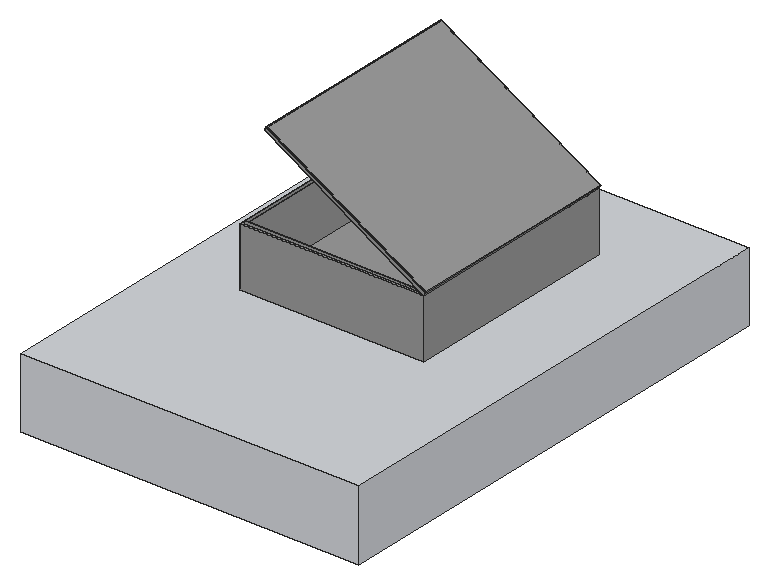
Revit family "Hager-Univers-IP55-D275-H950-Cl.II-Steel_encl-AT-de", category Equipement électrique, Revit 2020
Family settings
  Hôte = Face
  Configuration du panneau = Deux colonnes, circuits au sein
  Cote de connecteur circulaire = Utiliser le diamètre
  Type d'élément = Tableau de raccordement
  Couper avec des vides une fois chargée = Non
  Partagée = Non
  Point de calcul de pièce = Non
Parameters (values of type "Aufputz IP55 B800 H950 T275  - FR63S")
  Width Control [instance] = if([EF000008 - Breite] > Min Width, [EF000008 - Breite], Min Width)  # 800 mm
  Commentaires du type = [HG000003 - Bereich]  # "Univers"
  Thickness Door [instance] = if([EF009171 - Materialstärke Tür/Deckel] > 3 mm, 3 mm, [EF009171 - Materialstärke Tür/Deckel])  # 1.5 mm
  Seal Frame Offset [instance] = 17 mm  # constant formula
  Plinth Visibility [instance] = [HG000027 - Sockelhöhe] > 0 mm  # no
  Model = ""
  Min Width [instance] = 100 mm  # constant formula
  Min Height [instance] = 100 mm  # constant formula
  Min Depth [instance] = (2 * [EF009170 - Materialstärke Gehäuse]) + 1 mm  # 4 mm
  Internal Frame Depth [instance] = (Door System Depth * 0.5)  # 9 mm
  Height Control [instance] = if([EF000040 - Höhe] > Min Height, [EF000040 - Höhe], Min Height)  # 950 mm
  HG000027 - Sockelhöhe = 0 mm
  HG000026 - Stehend auf dem Boden = no
  HG000024 - Höhe des unteren Teils = 800 mm
  HG000023 - Gehäuse mit doppeltem Querschnitt = no
  HG000016 - 3D-Türsichtbarkeit [instance] = yes
  HG000015 - Sichtbarkeit der Türöffnung [instance] = no
  HG000014 - Tür rechts [instance] = yes
  HG000013 - Tür links [instance] = not([HG000014 - Tür rechts])  # no
  HG000012 - Türschwenkwinkel [instance] = 30.00°
  HG000010 - Asymmetrische Türen = no
  HG000009 - Doppelflügeligen Tür = no
  HG000006 - Unterputz = no
  HG000004 - Herstellerreferenz = "FR63S"
  HG000003 - Bereich = "Univers"
  HG000002 - Mit tür = yes
  Frame Offset Bottom [instance] = 10 mm  # constant formula
  Frame Offset [instance] = 15 mm  # constant formula
  EF015940 - Deckel mit Überdruckentlastung = no
  EF011959 - Schutzart (NEMA) = ""
  EF009554 - Anzahl der Öffnungen für Flanschplatten = 6
  Fabricant = "Hager"  # constant formula
  EF009212 - Ausführung Deckel = "EV000116 - geschlossen"
  EF009171 - Materialstärke Tür/Deckel = 1.5 mm
  EF009170 - Materialstärke Gehäuse = 1.5 mm
  EF008873 - Nennstrom (In) = 800 A
  EF007800 - Geeignet für Blitzschutz = no
  EF006306 - Mit Schloss = no
  EF006244 - Transparenter Deckel/Tür = no
  EF005474 - Schutzart (IP) = "EV006420 - IP55"
  EF004464 - Art der Tür = "EV002646 - Einzel"
  EF004427 - Anzahl der Module = 216
  EF004293 - Schlagfestigkeit = "EV008784 - IK10"
  EF003532 - Geeignet für Außengebrauch = no
  EF002950 - Breite in Teilungseinheiten = 24
  EF001613 - Funktionserhalt = "EV000494 - ohne"
  EF001596 - Werkstoff des Gehäuses = "EV000179 - Stahl"
  EF001131 - Innentiefe = 275 mm
  EF001088 - Anbaumöglichkeit = yes
  EF000437 - Anzahl der Leitungseinführungen = 6
  EF000339 - Art der Abdeckung = "EV004216 - Tür"
  EF000266 - Anzahl der Reihen = 6
  EF000218 - Einbautiefe = 0 mm
  EF000118 - Mit Montageplatte = no
  EF000116 - RAL-Nummer = "7035"
  EF000049 - Tiefe = 275 mm
  EF000040 - Höhe = 950 mm
  EF000008 - Breite = 800 mm
  EF000007 - Farbe = "EV000270 - grau"
  EF000003 - Montageart = "EV000384 - Aufputz"
  Door System Leaf Tolerance [instance] = 1.5 mm  # constant formula
  Door System Depth [instance] = 18 mm  # constant formula
  Door Height [instance] = Height Control - [HG000027 - Sockelhöhe]  # 950 mm
  Depth Control [instance] = if([EF000049 - Tiefe] > Min Depth, [EF000049 - Tiefe], Min Depth)  # 275 mm
  Default Elevation = 0 mm
  Connector Offset [instance] = Height Control / 2  # 475 mm
  Bottom Top Plate Trim [instance] = 1.5 mm  # constant formula
  Plinth height Ctrl [instance] = if([HG000027 - Sockelhöhe] > 0 mm, [HG000027 - Sockelhöhe], 12 mm)  # 12 mm
Types (5, lengths in mm): name | Width Control | HG000010 - Asymmetrische Türen | HG000009 - Doppelflügeligen Tür | HG000004 - Herstellerreferenz | EF009554 - Anzahl der Öffnungen für Flanschplatten | EF004464 - Art der Tür | EF004427 - Anzahl der Module | EF000437 - Anzahl der Leitungseinführungen | EF000008 - Breite
  Aufputz IP55 B1050 H950 T275  - FR64S | 1050 | no | yes | "FR64S" | 8 | "EV003602 - Doppel" | 288 | 8 | 1050
  Aufputz IP55 B1300 H950 T275  - FR65S | 1300 | yes | yes | "FR65S" | 10 | "EV003602 - Doppel" | 360 | 10 | 1300
  Aufputz IP55 B300 H950 T275  - FR61S | 300 | no | no | "FR61S" | 2 | "EV002646 - Einzel" | 72 | 2 | 300
  Aufputz IP55 B550 H950 T275  - FR62S | 550 | no | no | "FR62S" | 4 | "EV002646 - Einzel" | 144 | 4 | 550
  Aufputz IP55 B800 H950 T275  - FR63S | 800 | no | no | "FR63S" | 6 | "EV002646 - Einzel" | 216 | 6 | 800
Reference planes
  plane 1 "Center (Front/Back)": y = 0
  plane 2: z = 0
  plane 3 "Center (Left/Right)": x = 0
  plane 4: z = 275
  plane 5: y = 1.5
  plane 6: y = 475
  plane 7: y = 0
  plane 8: y = 950
  plane 9: z = 0
  plane 10: x = -385
  plane 11: x = 385
  plane 12: x = 383.5
  plane 13: x = -383.5
  plane 14: y = 948.5
  plane 15: x = -383
  plane 16: x = -400
  plane 17: x = 383
  plane 18: x = 400
  plane 19: x = 398.5
  plane 20: x = -398.5
  plane 21: y = 11.5
  plane 22: y = 950
  plane 23: y = 933.5
  plane 24: z = 257
  plane 25: z = 1.5
  plane 26: z = 255.5
  plane 27: z = 273.5
Forms (mm)
  Extrusion 1, solid
    sketch origin (0, 0, 0) x (1, 0, 0) y (0, 1, 0)
      loop
        line (-702.964, 1305) -> (-702.964, -811.445) -> (766.763, -811.445) -> (766.763, 1305) -> (-702.964, 1305)
    from 0 to -304.8
  Extrusion 2, solid, material "Hager_Steel_RAL7035_Light_Grey", visible <- "Plinth Visibility", detail levels medium+fine
    sketch origin (0, 0, 0) x (1, 0, 0) y (0, 1, 0)
      loop
        line (-400, 0) -> (400, 0) -> (400, 12) -> (-400, 12) -> (-400, 0)
    from 0 to 257
  Extrusion 3, solid, material "Hager_Steel_RAL7035_Light_Grey", detail levels medium+fine
    sketch origin (0, 0, 0) x (1, 0, 0) y (0, 1, 0)
      loop
        line (-400, 0) -> (400, 0) -> (400, 950) -> (-400, 950) -> (-400, 0)
    from 0 to 257
  Extrusion 4, void
    sketch origin (0, 0, 0) x (1, 0, 0) y (0, 1, 0)
      loop
        line (-398.5, 1.5) -> (398.5, 1.5) -> (398.5, 948.5) -> (-398.5, 948.5) -> (-398.5, 1.5)
    from 1.5 to 255.5
  Extrusion 5, void
    sketch origin (-381.607, -4572, 257) x (0, -1, 0) y (-1, 0, 0)
      loop
        line (-4583.5, 1.893) -> (-5505.5, 1.893) -> (-5505.5, -765.107) -> (-4583.5, -765.107) -> (-4583.5, 1.893)
    from 0 to 1.5 <- "EF009170 - Materialstärke Gehäuse"
  Extrusion 6, solid, material "Hager_Steel_RAL7035_Light_Grey", detail levels fine
    sketch origin (0, 0, 257) x (1, 0, 0) y (0, 1, 0)
      loop
        line (-383.5, 933.5) -> (-383.5, 11.5) -> (383.5, 11.5) -> (383.5, 933.5) -> (-383.5, 933.5)
      loop
        line (-385, 10) -> (385, 10) -> (385, 935) -> (-385, 935) -> (-385, 10)
    from 0 to 9 <- "Internal Frame Depth"
  Extrusion 7, solid, material "Hager_Steel_RAL7035_Light_Grey", detail levels coarse
    sketch origin (0, 0, 0) x (1, 0, 0) y (0, 1, 0)
      loop
        line (-400, 0) -> (400, 0) -> (400, 950) -> (-400, 950) -> (-400, 0)
    from 0 to 275
  Sweep 8, void
    path in 3D
      loop
        line (-400, 12, 0) -> (400, 12, 0) -> (400, 12, 257) -> (-400, 12, 257) -> (-400, 12, 0)
    profile origin (-400, 12, 128.5) x (-1, 0, 0) y (0, -1, 0)
      loop
        line (0, 0) -> (0, 1.5) -> (-1.5, 1.5)
        arc (-1.5, 1.5) -> (-1.061, 0.439) -> (0, 0) r 1.5
Cuts and joins
  Extrusion 4, Extrusion 5 cuts Extrusion 3
  Sweep 8 cuts Extrusion 2
Lines and regions (mm)
  Masking region 1
    outline origin (0, 0, 0) x (1, 0, 0) y (0, 0, 1)
      loop
        line (-400, 275) -> (-400, 0) -> (400, 0) -> (400, 275) -> (-400, 275)
  Masking region 2, detail levels medium+fine
    outline origin (0, 140, 0) x (0, 1, 0) y (0, 0, 1)
      loop
        line (-140, 0) -> (810, 0) -> (810, 257) -> (-140, 257) -> (-140, 0)
  Masking region 3, not visible, detail levels medium+fine
    outline origin (0, 297.922, 0) x (0, 1, 0) y (0, 0, 1)
      loop
        line (188.578, 0) -> (228.578, 0) -> (228.578, 263.5)
        arc (228.578, 263.5) -> (225.649, 270.571) -> (218.578, 273.5) r 10
        line (218.578, 273.5) -> (188.578, 273.5) -> (188.578, 0)
  Masking region 4, detail levels coarse
    outline origin (0, 0, 180) x (0, 1, 0) y (0, 0, 1)
      loop
        line (0, -180) -> (950, -180) -> (950, 95) -> (0, 95) -> (0, -180)
  Masking region 5, visible <- "Plinth Visibility", detail levels medium+fine
    outline origin (0, 52.24, 12.345) x (0, 0, -1) y (0, 1, 0)
      loop
        line (10.845, -40.24) -> (-243.155, -40.24)
        arc (-243.155, -40.24) -> (-243.594, -41.301) -> (-244.655, -41.74) r 1.5
        line (-244.655, -41.74) -> (-244.655, -52.24) -> (12.345, -52.24) -> (12.345, -41.74)
        arc (12.345, -41.74) -> (11.285, -41.301) -> (10.845, -40.24) r 1.5
  Masking region 6, detail levels medium+fine
    outline origin (-381.607, -4572, 257) x (-1, 0, 0) y (0, -1, 0)
      loop
        line (18.393, -5522) -> (18.393, -4572) -> (-781.607, -4572) -> (-781.607, -5522) -> (18.393, -5522)
  Masking region 7, visible <- "Plinth Visibility", detail levels medium+fine
    outline origin (-381.607, -4727, 257) x (-1, 0, 0) y (0, -1, 0)
      loop
        arc (16.893, -4739) -> (17.332, -4737.939) -> (18.393, -4737.5) r 1.5
        line (18.393, -4737.5) -> (18.393, -4727) -> (-781.607, -4727) -> (-781.607, -4737.5)
        arc (-781.607, -4737.5) -> (-780.546, -4737.939) -> (-780.107, -4739) r 1.5
        line (-780.107, -4739) -> (16.893, -4739)
  Masking region 8, detail levels coarse
    outline origin (-442.548, -4669.526, 257) x (-1, 0, 0) y (0, -1, 0)
      loop
        line (-42.548, -5619.526) -> (-42.548, -4669.526) -> (-842.548, -4669.526) -> (-842.548, -5619.526) -> (-42.548, -5619.526)
  sketch lines
    curve 1: line (-400, 12, 257) -> (-400, 12, 0)
    curve 2: line (400, 12, 257) -> (-400, 12, 257)
    curve 3: line (400, 12, 257) -> (400, 12, 0)
    curve 4: line (-400, 12, 0) -> (400, 12, 0)
Dimensions and locks
  "Depth Control": plane 4 to Extrusion 1
  "HG000027 - Sockelhöhe": plane 1 "Center (Front/Back)" to plane 7
  "EF009170 - Materialstärke Gehäuse": plane 5 to plane 7
  locked: connector elem to plane 3 "Center (Left/Right)"
  equal spacing: plane 8, plane 6, plane 7
  locked: connector elem to plane 6
  "EF009170 - Materialstärke Gehäuse": plane 8 to plane 14
  "EF009170 - Materialstärke Gehäuse": plane 10 to plane 13
  "EF009170 - Materialstärke Gehäuse": plane 12 to plane 11
  "Frame Offset": plane 20 to plane 13
  "Frame Offset": plane 12 to plane 19
  "EF009170 - Materialstärke Gehäuse": plane 16 to plane 20
  "EF009170 - Materialstärke Gehäuse": plane 19 to plane 18
  "Seal Frame Offset": plane 16 to plane 15
  "Seal Frame Offset": plane 17 to plane 18
  "Frame Offset Bottom": plane 21 to plane 5
  "Frame Offset": plane 14 to plane 23
  equal spacing: plane 16, plane 3 "Center (Left/Right)", plane 18
  "Width Control": plane 16 to plane 18
  "EF009170 - Materialstärke Gehäuse": plane 4 to plane 27
  "EF009170 - Materialstärke Gehäuse": plane 24 to plane 26
  "EF009170 - Materialstärke Gehäuse": plane 25 to level
  "Door System Depth": plane 4 to plane 24
  "Height Control": plane 1 "Center (Front/Back)" to Extrusion 7 sketch curve
  "Height Control": Masking region 4 sketch curve to plane 1 "Center (Front/Back)"
  "Height Control": plane 1 "Center (Front/Back)" to plane 22
  "Bottom Top Plate Trim": profile plane to Sweep 8 sketch curve
  "Bottom Top Plate Trim": Sweep 8 sketch curve to profile plane
  "Plinth height Ctrl": plane 1 "Center (Front/Back)" to Extrusion 2 sketch curve
  "Plinth height Ctrl": Masking region 5 sketch curve to plane 1 "Center (Front/Back)"
  "Plinth height Ctrl": plane 1 "Center (Front/Back)" to Masking region 7 sketch curve
  "Thickness Door": Extrusion 6 sketch curve to Extrusion 6 sketch curve  (x3)
  "Thickness Door": cut or joined group of Extrusion 3, Extrusion 4, Extrusion 5 to Extrusion 6 sketch curve
  radius of Masking region 3 sketch curve = 10 mm
  "Bottom Top Plate Trim": radius of Masking region 5 sketch curve  (x2)
  "Bottom Top Plate Trim": radius of Sweep 8 sketch curve
  "Bottom Top Plate Trim": radius of Masking region 7 sketch curve  (x2)
  aligned and locked: plane 2 to Extrusion 1
  aligned and locked: level to Extrusion 1
  aligned and locked: level to Masking region 1 sketch curve
  aligned and locked: Masking region 1 sketch curve to plane 18
  aligned and locked: Masking region 1 sketch curve to plane 16
  aligned and locked: plane 7 to Masking region 2 sketch curve
  aligned and locked: level to Masking region 3 sketch curve
  aligned and locked: Masking region 3 sketch curve to plane 27
  aligned and locked: level to Masking region 2 sketch curve
  aligned and locked: plane 1 "Center (Front/Back)" to Extrusion 2 sketch curve
  aligned and locked: Extrusion 3 sketch curve to plane 7
  aligned and locked: plane 16 to Extrusion 3 sketch curve
  aligned and locked: plane 18 to Extrusion 3 sketch curve
  aligned and locked: plane 20 to Extrusion 4 sketch curve
  aligned and locked: plane 19 to Extrusion 4 sketch curve
  aligned and locked: Extrusion 4 sketch curve to plane 5
  aligned and locked: Extrusion 4 to plane 25
  aligned and locked: plane 26 to Extrusion 4
  aligned and locked: plane 24 to Extrusion 3
  aligned and locked: Extrusion 5 sketch curve to plane 21
  aligned and locked: Extrusion 5 sketch curve to plane 13
  aligned and locked: Extrusion 5 sketch curve to plane 12
  aligned and locked: plane 18 to Extrusion 7 sketch curve
  aligned and locked: plane 1 "Center (Front/Back)" to Extrusion 7 sketch curve
  aligned and locked: plane 16 to Extrusion 7 sketch curve
  aligned and locked: plane 4 to Extrusion 7
  aligned and locked: Extrusion 7 to level
  aligned and locked: level to Masking region 4 sketch curve
  aligned and locked: Masking region 4 sketch curve to plane 1 "Center (Front/Back)"
  aligned and locked: Masking region 4 sketch curve to plane 4
  aligned and locked: nested 1 to level
  aligned and locked: nested 1 to plane 16
  aligned and locked: plane 8 to Extrusion 3 sketch curve
  aligned and locked: plane 23 to Extrusion 5 sketch curve
  aligned and locked: plane 14 to Extrusion 4 sketch curve
  aligned and locked: Masking region 2 sketch curve to plane 8
  aligned and locked: level to Masking region 5 sketch curve
  aligned and locked: plane 16 to Extrusion 2 sketch curve
  aligned and locked: plane 18 to Extrusion 2 sketch curve
  aligned and locked: Masking region 5 sketch curve to plane 24
  aligned and locked: Masking region 2 sketch curve to plane 24
  aligned and locked: plane 24 to Extrusion 2
  aligned and locked: profile plane to Sweep 8 sketch curve  (x2)
  aligned and locked: Masking region 6 sketch curve to plane 18
  aligned and locked: Masking region 6 sketch curve to plane 22
  aligned and locked: Masking region 6 sketch curve to plane 16
  aligned and locked: plane 8 to plane 22
  aligned and locked: Masking region 6 sketch curve to plane 7
  aligned and locked: Masking region 7 sketch curve to plane 16
  aligned and locked: Masking region 7 sketch curve to plane 1 "Center (Front/Back)"
  aligned and locked: Masking region 7 sketch curve to plane 18
  aligned and locked: Masking region 8 sketch curve to plane 1 "Center (Front/Back)"
  aligned and locked: Masking region 8 sketch curve to plane 18
  aligned and locked: Masking region 8 sketch curve to plane 22
  aligned and locked: Masking region 8 sketch curve to plane 16
  aligned and locked: nested 2 to plane 7
  aligned and locked: plane 3 "Center (Left/Right)" to nested 2
  aligned and locked: nested 2 to plane 24
  aligned and locked: Extrusion 6 sketch curve to cut or joined group of Extrusion 3, Extrusion 4, Extrusion 5  (x4)
Automatic sketch dimensions
  Extrusion 1 sketch curve to Extrusion 1 sketch curve = 1469.727 mm
  Extrusion 1 sketch curve to Extrusion 1 sketch curve = 2116.445 mm
  Masking region 1 sketch curve to plane 4 = 0 mm
  plane 6 to Masking region 3 sketch curve = 11.5 mm
  Masking region 3 sketch curve to Masking region 3 sketch curve = 30 mm
  Masking region 5 sketch curve to plane 1 "Center (Front/Back)" = 0 mm
Nested families
  nested 1: "Hager_Enclosure_Symbol" at (-400, 0, 0) x (1, 0, 0) z (0, -1, 0), Height <- "Depth Control", Width <- "Width Control", type "Hager_Enclosure_Symbol"
    with Width_Ctrl 800 mm, Width 800 mm, Height_Ctrl 275 mm, Height 275 mm, A_Width_Int 18.047 mm, A_Width 216.562 mm, A_Height_Ctrl 240.625 mm, A_Height 240.625 mm
  nested 2: "EC000058_Univers_Door" at (0, 0, 257) x (1, 0, 0) z (0, 1, 0), Leaf_Tolerance <- "Door System Leaf Tolerance", Angle <- "HG000012 - Türschwenkwinkel", Door_Depth <- "Door System Depth", Door_Left <- "HG000013 - Tür links", Transparent <- "EF006244 - Transparenter Deckel/Tür", Assymetrical <- "HG000010 - Asymmetrische Türen", Width <- "Width Control", Clearance <- "HG000015 - Sichtbarkeit der Türöffnung", Double <- "HG000009 - Doppelflügeligen Tür", 3d_Door <- "HG000016 - 3D-Türsichtbarkeit", Lock_Visibility <- "EF006306 - Mit Schloss", Width_Ctrl <- "Width Control", Door_Right <- "HG000014 - Tür rechts", Door <- "HG000002 - Mit tür", Height <- "Door Height", Thickness <- "Thickness Door", type "EC000058_Univers_Door", detail levels medium+fine
    with min_wh 4 mm, Width_Ctrl 800 mm, Width 800 mm, Transparent no, Thickness 1.5 mm, Seal_Material Hager_Rubber, Lock_Visibility no, Lock_Material Hager_Plastic_RAL9005_Jet_Black, Leaf_Width 800 mm, Leaf_Tolerance_External_Sides 0 mm, Leaf_Tolerance 1.5 mm, Leaf_Offset 0 mm, Leaf_Height 947 mm, Leaf_2_Width 800 mm, Leaf_2_Offset 400 mm, Leaf_1_Width 800 mm, Leaf_1_Offset 400 mm, Height_Ctrl 950 mm, Height 950 mm, Glass_Material Hager_Glass, Double_Clearance_Ctrl no, Double no, Door_Right_Ctrl yes, Door_Right yes, Door_Material Hager_Steel_RAL7035_Light_Grey, Door_Left_Ctrl no, Door_Left no, Door_Depth 18 mm, Door yes, Clearance_Material Hager_Clearance, Clearance_Depth 800 mm, Clearance_Ctrl no, Clearance no, Assymetrical no, Angle 30.00°, 3d_Door yes
Connectors
  electrical at (0, 475, 0)
    settings: on plane 9, index 1, voltage 0 V, apparent load 0 VA, apparent load phase1 0 VA, apparent load phase2 0 VA, apparent load phase3 0 VA, power factor 1, load classification "Other", number of poles 1, system type 30, power factor state 1, is connector primary yes, connector utility no, sub classification motor no, connector description ""
Definition of nested family "EC000058_Univers_Door"
  Parameters (values of type "EC000058_Univers_Door")
    min_wh [instance] = (2 * Thickness) + 1 mm  # 11 mm
    Width_Ctrl [instance] = 400 mm
    Width [instance] = 500 mm
    Transparent [instance] = yes
    Thickness [instance] = 5 mm
    Seal_Material [instance] = none
    Lock_Visibility [instance] = yes
    Lock_Material [instance] = none
    Leaf_Width [instance] = if((Width_Ctrl - 2 * Leaf_Tolerance_External_Sides) > 0 mm, (Width_Ctrl - 2 * Leaf_Tolerance_External_Sides), min_wh)  # 400 mm
    Leaf_Tolerance_External_Sides [instance] = 0 mm  # constant formula
    Leaf_Tolerance [instance] = 1.5 mm
    Leaf_Offset [instance] = 0 mm  # constant formula
    Leaf_Height [instance] = if((Height_Ctrl - 2 * Leaf_Tolerance) > 0 mm, (Height_Ctrl - 2 * Leaf_Tolerance), min_wh)  # 497 mm
    Leaf_2_Width [instance] = if(and(and(Double, Assymetrical), Door_Left), (Leaf_Width / 3) - (Leaf_Tolerance / 2), if(and(and(Double, Assymetrical), Door_Right), (Leaf_Width / 3) * 2 - (Leaf_Tolerance / 2), if(and(Double, not(Assymetrical)), (Leaf_Width / 2) - Leaf_Tolerance, Leaf_Width)))  # 400 mm
    Leaf_2_Offset [instance] = if(and(Double, Assymetrical), Leaf_2_Width / 2, if(and(Double, not(Assymetrical)), Leaf_Width / 4, Leaf_Width / 2))  # 200 mm
    Leaf_1_Width [instance] = if(and(and(Double, Assymetrical), Door_Right), (Leaf_Width / 3) - (Leaf_Tolerance / 2), if(and(and(Double, Assymetrical), Door_Left), (Width / 3) * 2 - (Leaf_Tolerance / 2), if(and(Double, not(Assymetrical)), (Leaf_Width / 2) - Leaf_Tolerance, Leaf_Width)))  # 400 mm
    Leaf_1_Offset [instance] = if(and(Double, Assymetrical), Leaf_1_Width / 2, if(and(Double, not(Assymetrical)), Leaf_Width / 4, Leaf_Width / 2))  # 200 mm
    Height_Ctrl [instance] = if(Height > min_wh, Height, min_wh)  # 500 mm
    Height [instance] = 500 mm
    Glass_Material [instance] = none
    Double_Clearance_Ctrl [instance] = and(Double, Clearance)  # no
    Double [instance] = no
    Door_Right_Ctrl [instance] = and(or(Door_Right, Double), Door)  # yes
    Door_Right [instance] = yes
    Door_Material [instance] = none
    Door_Left_Ctrl [instance] = and(or(Door_Left, Double), Door)  # no
    Door_Left [instance] = no
    Door_Depth [instance] = 30 mm
    Door [instance] = yes
    Default Elevation = 1219.2 mm
    Clearance_Material [instance] = none
    Clearance_Depth [instance] = if(Leaf_1_Width > Leaf_2_Width, Leaf_1_Width, Leaf_2_Width)  # 400 mm
    Clearance_Ctrl [instance] = and(not(Double), Clearance)  # yes
    Clearance [instance] = yes
    Assymetrical [instance] = yes
    Angle [instance] = 30.00°
    3d_Door [instance] = yes
  Reference planes
    plane 1 "Center (Front/Back)": y = 0
    plane 2 "Bottom": z = 0
    plane 3 "Center (Left/Right)": x = 0
    plane 4: z = 500
    plane 5: x = -200
    plane 6: x = 200
    plane 7: z = 500
    plane 8: x = -200
    plane 9: z = 0
    plane 10: x = 200
    plane 11: y = 0
    plane 12: z = 1.5
    plane 13: x = -600
    plane 14: y = -400
    plane 15: x = 600
    plane 16: x = 0
    plane 17: x = 0
    plane 18: x = -200
    plane 19: x = 200
    plane 20: z = 498.5
  Forms (mm)
    Extrusion 1, solid, material <- "Clearance_Material", visible <- "Double_Clearance_Ctrl"
      sketch origin (1200, 0, 0) x (1, 0, 0) y (0, 0, -1)
        loop
          line (-1800, -498.5) -> (-600, -498.5) -> (-600, 0) -> (-1800, 0) -> (-1800, -498.5)
      from 0 to -400
  Dimensions and locks
    equal spacing: plane 5, plane 3 "Center (Left/Right)", plane 6
    "Width_Ctrl": plane 5 to plane 6
    "Leaf_Offset": plane 5 to plane 8
    "Leaf_Offset": plane 6 to plane 10
    "Leaf_Offset": plane 9 to level
    "Leaf_Offset": plane 4 to plane 7
    "Height_Ctrl": plane 4 to level
    "Leaf_Tolerance": plane 12 to plane 9
    locked: plane 11 to plane 1 "Center (Front/Back)"
    "Leaf_1_Offset": plane 18 to plane 16
    "Leaf_2_Offset": plane 17 to plane 19
    "Leaf_1_Width": plane 13 to plane 8
    "Leaf_2_Width": plane 10 to plane 15
    "Clearance_Depth": plane 14 to plane 1 "Center (Front/Back)"
    "Leaf_Tolerance_External_Sides": plane 8 to plane 18
    "Leaf_Tolerance_External_Sides": plane 19 to plane 10
    "Leaf_Tolerance": plane 7 to plane 20
    aligned and locked: level to plane 2 "Bottom"
    aligned and locked: nested 1 to plane 16
    aligned and locked: nested 2 to plane 17
    aligned and locked: Extrusion 1 to plane 13
    aligned and locked: plane 15 to Extrusion 1
    aligned and locked: Extrusion 1 to plane 14
    aligned and locked: plane 12 to nested 1
    aligned and locked: nested 2 to plane 12
    aligned and locked: Extrusion 1 to plane 11
    aligned and locked: plane 20 to Extrusion 1
    aligned and locked: nested 2 to plane 11
    aligned and locked: nested 1 to plane 11
  Automatic sketch dimensions
    Extrusion 1 sketch curve to level = 0 mm
    plane 5 to Extrusion 1 sketch curve = 400 mm
    plane 6 to Extrusion 1 sketch curve = 400 mm
    Extrusion 1 sketch curve to plane 4 = 1.5 mm
  Nested families
    nested 1: "EC000058_Univers_Door_Leaf" at (0, 0, 1.5), Width <- "Leaf_1_Width", visible <- "Door_Left_Ctrl", Leaf_Height <- "Leaf_Height", Angle <- "Angle", 3d_Door <- "3d_Door", Transparent <- "Transparent", Clearance Material <- "Clearance_Material", Clearance <- "Clearance_Ctrl", Door_Material <- "Door_Material", Glass_Material <- "Glass_Material", Door_Depth <- "Door_Depth", Lock_Material <- "Lock_Material", Seal_Material <- "Seal_Material", Lock_Visibility <- "Lock_Visibility", Thickness <- "Thickness", type "EC000058_Univers_Door_Leaf"
      with Width 400 mm, Transparent_Glass_Offset 30 mm, Transparent_Ctrl yes, Transparent yes, Thickness 5 mm, Standard no, Seal_Material none, Seal_D2 8 mm, Seal_D1 1 mm, Offset_Internal_Frame 10 mm, Lock_Width 20 mm, Lock_Visibility_3d yes, Lock_Visibility yes, Lock_Thickness_3 3 mm, Lock_Thickness_2 1 mm, Lock_Thickness_1 3 mm, Lock_Radius_Offset_2 16 mm, Lock_Radius_Offset_1 15 mm, Lock_Radius_2 5 mm, Lock_Radius 6 mm, Lock_Offset 5 mm, Lock_Material none, Lock_Height 80 mm, Lock_Cover_Top_Offset_2d 17 mm, Lock_Cover_Height -65 mm, Leaf_Height 497 mm, Internal_Seal_Thickness 8 mm, Internal_Seal_Depth_2 4.5 mm, Internal_Frame_Depth 25 mm, Glass_Thickness -1 mm, Glass_Offset -2 mm, Glass_Material none, Door_Material none, Door_Depth 30 mm, Clearance Material none, Clearance yes, Angle_Ctrl 30.00°, Angle 30.00°, 3d_Door yes
    nested 2: "EC000058_Univers_Door_Leaf" at (0, 0, 1.5) x (-1, 0, 0) z (0, 0, 1), Width <- "Leaf_2_Width", visible <- "Door_Right_Ctrl", Leaf_Height <- "Leaf_Height", Angle <- "Angle", 3d_Door <- "3d_Door", Transparent <- "Transparent", Clearance Material <- "Clearance_Material", Clearance <- "Clearance_Ctrl", Door_Material <- "Door_Material", Glass_Material <- "Glass_Material", Door_Depth <- "Door_Depth", Lock_Material <- "Lock_Material", Seal_Material <- "Seal_Material", Lock_Visibility <- "Lock_Visibility", Thickness <- "Thickness", type "EC000058_Univers_Door_Leaf"
      with Width 400 mm, Transparent_Glass_Offset 30 mm, Transparent_Ctrl yes, Transparent yes, Thickness 5 mm, Standard no, Seal_Material none, Seal_D2 8 mm, Seal_D1 1 mm, Offset_Internal_Frame 10 mm, Lock_Width 20 mm, Lock_Visibility_3d yes, Lock_Visibility yes, Lock_Thickness_3 3 mm, Lock_Thickness_2 1 mm, Lock_Thickness_1 3 mm, Lock_Radius_Offset_2 16 mm, Lock_Radius_Offset_1 15 mm, Lock_Radius_2 5 mm, Lock_Radius 6 mm, Lock_Offset 5 mm, Lock_Material none, Lock_Height 80 mm, Lock_Cover_Top_Offset_2d 17 mm, Lock_Cover_Height -65 mm, Leaf_Height 497 mm, Internal_Seal_Thickness 8 mm, Internal_Seal_Depth_2 4.5 mm, Internal_Frame_Depth 25 mm, Glass_Thickness -1 mm, Glass_Offset -2 mm, Glass_Material none, Door_Material none, Door_Depth 30 mm, Clearance Material none, Clearance yes, Angle_Ctrl 30.00°, Angle 30.00°, 3d_Door yes
  Definition of nested family "EC000058_Univers_Door_Leaf"
    Parameters (values of type "EC000058_Univers_Door_Leaf")
      Width [instance] = 2000 mm
      Transparent_Glass_Offset [instance] = 30 mm
      Transparent_Ctrl [instance] = and(Transparent, [3d_Door])  # yes
      Transparent [instance] = yes
      Thickness [instance] = 5 mm
      Standard [instance] = and(not(Transparent), [3d_Door])  # no
      Seal_Material [instance] = none
      Seal_D2 [instance] = 8 mm  # constant formula
      Seal_D1 [instance] = 1 mm  # constant formula
      Offset_Internal_Frame [instance] = 10 mm  # constant formula
      Lock_Width [instance] = 20 mm  # constant formula
      Lock_Visibility_3d [instance] = and(Lock_Visibility, [3d_Door])  # yes
      Lock_Visibility [instance] = yes
      Lock_Thickness_3 [instance] = 3 mm  # constant formula
      Lock_Thickness_2 [instance] = 1 mm  # constant formula
      Lock_Thickness_1 [instance] = 3 mm  # constant formula
      Lock_Radius_Offset_2 [instance] = Lock_Radius_Offset_1 + 1 mm  # 16 mm
      Lock_Radius_Offset_1 [instance] = 15 mm  # constant formula
      Lock_Radius_2 [instance] = Lock_Radius - 1 mm  # 5 mm
      Lock_Radius [instance] = 6 mm  # constant formula
      Lock_Offset [instance] = 5 mm  # constant formula
      Lock_Material [instance] = none
      Lock_Height [instance] = 80 mm  # constant formula
      Lock_Cover_Top_Offset_2d [instance] = Lock_Radius_Offset_2 + 1 mm  # 17 mm
      Lock_Cover_Height [instance] = -(Lock_Height - Lock_Radius_Offset_1)  # -65 mm
      Leaf_Height [instance] = 2720.336 mm
      Internal_Seal_Thickness [instance] = 8 mm  # constant formula
      Internal_Seal_Depth_2 [instance] = 4.5 mm  # constant formula
      Internal_Frame_Depth [instance] = if(Door_Depth - Thickness > 5 mm, Door_Depth - Thickness, 5 mm)  # 25 mm
      Glass_Thickness [instance] = if(Thickness > 15 mm, Glass_Offset + 10 mm, -1 mm)  # -1 mm
      Glass_Offset [instance] = if(Thickness > 15 mm, -(Thickness + 10 mm) / 2, -2 mm)  # -2 mm
      Glass_Material [instance] = none
      Door_Material [instance] = none
      Door_Depth [instance] = 30 mm
      Default Elevation = 0 mm
      Clearance Material [instance] = none
      Clearance [instance] = yes
      Angle_Ctrl [instance] = if(Angle > 180.00°, 180.00°, Angle)  # 90.00°
      Angle [instance] = 90.00°
      3d_Door [instance] = yes
    Reference planes
      plane 1 "Center (Front/Back)": y = 0
      plane 2: z = 0
      plane 3 "Center (Left/Right)": x = 0
      plane 4: y = 2000
      plane 5: x = -1000
      plane 6: x = 1000
      plane 7: x = -3000
      plane 8: z = 2720.336
      plane 9: z = 30
      plane 10: z = 2690.336
      plane 11: x = 970
      plane 12: x = -970
      plane 13: y = -3
      plane 14: z = 107.833
      plane 15: y = -5
      plane 16: y = -223.314
      plane 17: x = -1000
      plane 18: z = 1360.168
      plane 19: y = 30
    Forms (mm)
      Extrusion 1, solid, material <- "Clearance Material", visible <- "Clearance"
        sketch origin (0, 0, 0) x (1, 0, 0) y (0, 0, 1)
          loop
            line (-3000, 2720.336) -> (-3000, 0) -> (1000, 0) -> (1000, 2720.336) -> (-3000, 2720.336)
        from 0 to -2000
      Extrusion 2, solid, material <- "Door_Material", visible <- "Standard", detail levels medium+fine
        sketch origin (-1000, 0, 0) x (0, 1, 0) y (-1, 0, 0)
          loop
            line (0, 30) -> (0, 25) -> (2000, 25) -> (2000, 30) -> (0, 30)
        from 0 to 2720.336 <- "Leaf_Height"
      Extrusion 3, solid, material <- "Door_Material", visible <- "Transparent_Ctrl", detail levels medium+fine
        sketch origin (-1000, 0, 0) x (0, 1, 0) y (-1, 0, 0)
          loop
            line (0, 25) -> (2000, 25) -> (2000, 30) -> (0, 30) -> (0, 25)
        from 0 to 2720.336 <- "Leaf_Height"
      Extrusion 4, void
        sketch origin (-1025, 2000, 0) x (0, 1, 0) y (0, 0, -1)
          loop
            line (-30, -2690.336) -> (-30, -30) -> (-1970, -30) -> (-1970, -2690.336) -> (-30, -2690.336)
        from 0 to 5 <- "Thickness"
      Sweep 5, solid, material <- "Seal_Material", visible <- "Transparent_Ctrl", detail levels fine
        path in 3D
          loop
            line (-1025, 30, 30) -> (-1025, 30, 2690.336) -> (-1025, 1970, 2690.336) -> (-1025, 1970, 30) -> (-1025, 30, 30)
        profile origin (-1025, 1000, 30) x (1, 0, 0) y (0, 0, 1)
          loop
            line (0, 0) -> (0, -8) -> (1, -8) -> (1, 0) -> (0, 0)
      Extrusion 6, solid, material <- "Glass_Material", visible <- "Transparent_Ctrl", detail levels medium+fine
        sketch origin (-1030, 0, 0) x (0, 1, 0) y (0, 0, -1)
          loop
            line (1970, -2690.336) -> (1970, -30) -> (30, -30) -> (30, -2690.336) -> (1970, -2690.336)
        from -2 <- "Glass_Offset" to -1 <- "Glass_Thickness"
      Extrusion 7, solid, material <- "Door_Material", visible <- "3d_Door", detail levels medium+fine
        sketch origin (-1025, 2000, 0) x (0, -1, 0) y (0, 0, -1)
          loop
            line (0, -2720.336) -> (2000, -2720.336) -> (2000, 0) -> (0, 0) -> (0, -2720.336)
          loop
            line (1995, -5) -> (5, -5) -> (5, -2715.336) -> (1995, -2715.336) -> (1995, -5)
        from 0 to 25 <- "Internal_Frame_Depth"
      Sweep 8, solid, material <- "Seal_Material", visible <- "Transparent_Ctrl", detail levels fine
        path in 3D
          loop
            line (-1025, 0, 0) -> (-1025, 2000, 0) -> (-1025, 2000, 2720.336) -> (-1025, 0, 2720.336) -> (-1025, 0, 0)
        profile origin (-1025, 0, 1360.168) x (1, 0, 0) y (0, 1, 0)
          loop
            line (0, 10) -> (2.975, 10)
            arc (2.975, 10) -> (4.053, 10.447) -> (4.5, 11.525) r 1.525
            line (4.5, 11.525) -> (4.5, 16.527)
            arc (4.5, 16.527) -> (4.069, 17.569) -> (3.027, 18) r 1.473
            line (3.027, 18) -> (0, 18) -> (0, 10)
      Extrusion 9, solid, material <- "Lock_Material", visible <- "Lock_Visibility_3d", detail levels fine
        sketch origin (-1030, 0, 0) x (0, 1, 0) y (0, 0, -1)
          loop
            arc (1993.5, -1400.168) -> (1994.561, -1399.729) -> (1995, -1398.668) r 1.5
            line (1995, -1398.668) -> (1995, -1320.168) -> (1975, -1320.168) -> (1975, -1398.668)
            arc (1975, -1398.668) -> (1975.439, -1399.729) -> (1976.5, -1400.168) r 1.5
            line (1976.5, -1400.168) -> (1993.5, -1400.168)
        from 3 <- "Lock_Thickness_1" to 0
      Blend 10, solid, material <- "Lock_Material", visible <- "Lock_Visibility_3d", detail levels fine
        base sketch origin (-1033, 0, 0) x (0, 1, 0) y (0, 0, -1)
          loop
            line (1975, -1320.168) -> (1975, -1398.668)
            arc (1975, -1398.668) -> (1975.439, -1399.729) -> (1976.5, -1400.168) r 1.5
            line (1976.5, -1400.168) -> (1993.5, -1400.168)
            arc (1993.5, -1400.168) -> (1994.561, -1399.729) -> (1995, -1398.668) r 1.5
            line (1995, -1398.668) -> (1995, -1320.168) -> (1975, -1320.168)
        top sketch origin (-1033, 0, 0) x (0, 1, 0) y (0, 0, -1)
          loop
            line (1976, -1320.168) -> (1976, -1398.668)
            arc (1976, -1398.668) -> (1976.146, -1399.022) -> (1976.5, -1399.168) r 0.5
            line (1976.5, -1399.168) -> (1993.5, -1399.168)
            arc (1993.5, -1399.168) -> (1993.854, -1399.022) -> (1994, -1398.668) r 0.5
            line (1994, -1398.668) -> (1994, -1320.168) -> (1976, -1320.168)
        from 0 to 1 <- "Lock_Thickness_2"
      Blend 11, solid, material <- "Lock_Material", visible <- "Lock_Visibility_3d", detail levels fine
        base sketch origin (-1034, 0, 0) x (0, 1, 0) y (0, 0, -1)
          loop
            line (1978, -1320.168) -> (1978, -1384.168)
            arc (1978, -1384.168) -> (1985, -1391.168) -> (1992, -1384.168) r 7
            line (1992, -1384.168) -> (1992, -1320.168) -> (1978, -1320.168)
        top sketch origin (-1034, 0, 0) x (0, 1, 0) y (0, 0, -1)
          loop
            line (1991, -1320.168) -> (1979, -1320.168) -> (1979, -1383.168)
            arc (1979, -1383.168) -> (1985, -1389.168) -> (1991, -1383.168) r 6
            line (1991, -1383.168) -> (1991, -1320.168)
        from 0 to 3 <- "Lock_Thickness_3"
      Extrusion 12, solid, material <- "Lock_Material", visible <- "Lock_Visibility_3d", detail levels fine
        sketch origin (-1030, 1975, 1320.168) x (1, 0, 0) y (0, -1, 0)
          loop
            line (-7, -19) -> (-7, -1) -> (0, -1) -> (0, 0) -> (-8, 0) -> (-8, -20) -> (0, -20) -> (0, -19) -> (-7, -19)
        from 0 to -65 <- "Lock_Cover_Height"
      Extrusion 13, void
        sketch origin (-1038, 1995, 1320.168) x (-1, 0, 0) y (0, 0, -1)
          loop
            line (-5, -65) -> (0, -65) -> (-5, -60) -> (-5, -65)
        from 0 to 20 <- "Lock_Width"
      Extrusion 14, void
        sketch origin (-1038, 1975, 1320.168) x (0, -1, 0) y (0, 0, -1)
          loop
            circle (-10, -15.995) r 6
          loop
            circle (-10, -15.995) r 5
        from 0 to 2
      Extrusion 15, solid, material <- "Lock_Material", visible <- "Lock_Visibility_3d", detail levels medium
        sketch origin (-1030, 0, 0) x (0, 1, 0) y (0, 0, -1)
          loop
            arc (1993.5, -1400.168) -> (1994.561, -1399.729) -> (1995, -1398.668) r 1.5
            line (1995, -1398.668) -> (1995, -1320.168) -> (1975, -1320.168) -> (1975, -1398.668)
            arc (1975, -1398.668) -> (1975.439, -1399.729) -> (1976.5, -1400.168) r 1.5
            line (1976.5, -1400.168) -> (1993.5, -1400.168)
        from 8 to 0
    Cuts and joins
      Extrusion 4 cuts Extrusion 3
      Extrusion 13, Extrusion 14 cuts Extrusion 9
      Extrusion 14 cuts Blend 11
      Extrusion 13, Extrusion 14 cuts Extrusion 12
      joined: Extrusion 9, Blend 10, Blend 11, Extrusion 12
      Extrusion 14 cuts Extrusion 15
    Lines and regions (mm)
      Masking region 1, visible <- "Lock_Visibility", detail levels fine
        outline origin (0, 0, 0) x (0, 1, 0) y (0, 0, 1)
          loop
            line (30, 1320.168) -> (33, 1320.168) -> (33, 1400.168) -> (30, 1400.168) -> (30, 1320.168)
      Masking region 2, visible <- "Lock_Visibility", detail levels fine
        outline origin (0, 3.143, 0) x (0, 1, 0) y (0, 0, 1)
          loop
            line (29.857, 1354.168) -> (30.857, 1354.168) -> (30.857, 1366.168) -> (29.857, 1366.168) -> (29.857, 1354.168)
      Masking region 3, detail levels medium+fine
        outline origin (0, 0, 0) x (0, 1, 0) y (0, 0, 1)
          loop
            line (0, 0) -> (30, 0) -> (30, 2720.336) -> (0, 2720.336) -> (0, 0)
      Masking region 4, detail levels medium+fine
        outline origin (0, 0, 0) x (1, 0, 0) y (0, 0, 1)
          loop
            line (-1000, 2720.336) -> (-1000, 0) -> (1000, 0) -> (1000, 2720.336) -> (-1000, 2720.336)
      Masking region 5, visible <- "Lock_Visibility", detail levels fine
        outline origin (-47.116, 0, 0) x (1, 0, 0) y (0, 0, 1)
          loop
            arc (1024.616, 1399.168) -> (1023.556, 1398.729) -> (1023.116, 1397.668) r 1.5
            line (1023.116, 1397.668) -> (1023.116, 1320.168) -> (1041.116, 1320.168) -> (1041.116, 1397.668)
            arc (1041.116, 1397.668) -> (1040.677, 1398.729) -> (1039.616, 1399.168) r 1.5
            line (1039.616, 1399.168) -> (1024.616, 1399.168)
      Masking region 6, visible <- "Lock_Visibility", detail levels medium+fine
        outline origin (-25, 0, 0) x (1, 0, 0) y (0, 0, 1)
          loop
            arc (1001.5, 1400.168) -> (1000.439, 1399.729) -> (1000, 1398.668) r 1.5
            line (1000, 1398.668) -> (1000, 1320.168) -> (1020, 1320.168) -> (1020, 1398.668)
            arc (1020, 1398.668) -> (1019.561, 1399.729) -> (1018.5, 1400.168) r 1.5
            line (1018.5, 1400.168) -> (1001.5, 1400.168)
      Masking region 7, visible <- "Lock_Visibility", detail levels fine
        outline origin (-73.735, 0, 0) x (1, 0, 0) y (0, 0, 1)
          loop
            line (1051.735, 1382.168) -> (1065.735, 1382.168) -> (1065.735, 1384.168)
            arc (1065.735, 1384.168) -> (1058.735, 1391.168) -> (1051.735, 1384.168) r 7
            line (1051.735, 1384.168) -> (1051.735, 1382.168)
      Masking region 8, visible <- "Lock_Visibility", detail levels fine
        outline origin (-73.735, 0, 0) x (1, 0, 0) y (0, 0, 1)
          loop
            line (1052.735, 1382.168) -> (1064.735, 1382.168) -> (1064.735, 1383.168)
            arc (1064.735, 1383.168) -> (1058.735, 1389.168) -> (1052.735, 1383.168) r 6
            line (1052.735, 1383.168) -> (1052.735, 1382.168)
      Masking region 9, visible <- "Lock_Visibility", detail levels fine
        outline origin (-25, 0, 0) x (1, 0, 0) y (0, 0, 1)
          loop
            line (1020, 1320.168) -> (1020, 1382.168) -> (1000, 1382.168) -> (1000, 1320.168) -> (1020, 1320.168)
      Masking region 10, detail levels medium+fine
        outline origin (0, 0, 0) x (1, 0, 0) y (0, 0, 1)
          loop
            circle (985, 1335.144) r 6
      Masking region 11, detail levels fine
        outline origin (0, 0, 0) x (1, 0, 0) y (0, 0, 1)
          loop
            circle (985, 1335.144) r 5
      Masking region 12, visible <- "Lock_Visibility", detail levels fine
        outline origin (0, 12.767, 0) x (0, 1, 0) y (0, 0, 1)
          loop
            line (20.233, 1320.168) -> (21.233, 1320.168) -> (21.233, 1399.168) -> (20.233, 1400.168) -> (20.233, 1320.168)
      Masking region 13, visible <- "Lock_Visibility", detail levels fine
        outline origin (0, 13.767, -10) x (0, 1, 0) y (0, 0, 1)
          loop
            line (20.233, 1330.168) -> (23.233, 1330.168) -> (23.233, 1399.168) -> (20.233, 1402.168) -> (20.233, 1330.168)
      Masking region 14, visible <- "Lock_Visibility", detail levels fine
        outline origin (0, 12.767, -10) x (0, 1, 0) y (0, 0, 1)
          loop
            line (20.233, 1330.168) -> (25.233, 1330.168) -> (25.233, 1399.305) -> (20.233, 1394.305) -> (20.233, 1330.168)
      Masking region 15, visible <- "Lock_Visibility", detail levels medium
        outline origin (0, 0, 0) x (0, 1, 0) y (0, 0, 1)
          loop
            line (30, 1320.168) -> (38, 1320.168) -> (38, 1400.168) -> (30, 1400.168) -> (30, 1320.168)
      Masking region 16, visible <- "Lock_Visibility", detail levels fine
        outline origin (-1000, 0, 0) x (0, 1, 0) y (-1, 0, 0)
          loop
            line (1975, 30) -> (1995, 30) -> (1995, 38) -> (1975, 38) -> (1975, 30)
          loop
            line (1979, 37) -> (1976, 37) -> (1976, 34) -> (1978, 34) -> (1979, 37)
          loop
            line (1994, 37) -> (1991, 37) -> (1992, 34) -> (1994, 34) -> (1994, 37)
      Masking region 17, visible <- "Lock_Visibility", detail levels medium
        outline origin (-1000, 0, 0) x (0, 1, 0) y (-1, 0, 0)
          loop
            line (1975, 30) -> (1995, 30) -> (1995, 38) -> (1975, 38) -> (1975, 30)
      symbolic lines
        curve 1: line (1000, 0, 0) -> (-3000, 0, 0)
        curve 2: arc (1000, 0, 0) -> (-1000, 2000, 0) -> (-3000, 0, 0) r 2000
        curve 4: line (-1030, 0, 0) -> (-1030, 2000, 0)
      reference lines
        curve 3: line (-1000, 0, 0) -> (-1000, 2000, 0)
      symbolic lines, detail levels medium+fine
        curve 5: line (-1030, 2000, 0) -> (-1025, 2000, 0)
        curve 7: line (-1025, 0, 0) -> (-1030, 0, 0)
        curve 8: line (-1025, 0, 0) -> (-1000, 0, 0)
        curve 9: line (-1000, 0, 0) -> (-1000, 2000, 0)
        curve 10: line (-1000, 2000, 0) -> (-1025, 2000, 0)
      symbolic lines, detail levels fine
        curve 6: line (-1025, 2000, 0) -> (-1025, 0, 0)
      sketch lines
        curve 11: line (-1025, 0, 2720.336) -> (-1025, 0, 0)
        curve 12: line (-1025, 2000, 0) -> (-1025, 0, 0)
        curve 13: line (-1025, 2000, 2720.336) -> (-1025, 2000, 0)
        curve 14: line (-1025, 0, 2720.336) -> (-1025, 2000, 2720.336)
        curve 15: line (-1025, 1970, 30) -> (-1025, 30, 30)
        curve 16: line (-1025, 30, 30) -> (-1025, 30, 2690.336)
        curve 17: line (-1025, 1970, 2690.336) -> (-1025, 1970, 30)
        curve 18: line (-1025, 30, 2690.336) -> (-1025, 1970, 2690.336)
      symbolic lines, visible <- "Transparent", detail levels medium+fine
        curve 19: line (-970, 0, 2690.336) -> (970, 0, 2690.336)
        curve 20: line (-970, 0, 30) -> (-970, 0, 2690.336)
        curve 21: line (970, 0, 30) -> (-970, 0, 30)
        curve 22: line (970, 0, 2690.336) -> (970, 0, 30)
    Dimensions and locks
      "Width": plane 1 "Center (Front/Back)" to plane 4
      equal spacing: plane 5, plane 3 "Center (Left/Right)", plane 6
      "Width": plane 5 to plane 6
      "Width": plane 7 to plane 5
      "Leaf_Height": plane 8 to level
      "Width": curve 5 to curve 3
      "Width": curve 3 to curve 3
      plane 8 to plane 10 = 30 mm
      plane 9 to level = 30 mm
      plane 12 to plane 5 = 30 mm
      plane 6 to plane 11 = 30 mm
      Extrusion 1 to Extrusion 4 sketch curve = 30 mm
      "Transparent_Glass_Offset": curve 3 to Extrusion 4 sketch curve
      "Transparent_Glass_Offset": Extrusion 4 sketch curve to cut or joined group of Extrusion 3, Extrusion 4  (x2)
      cut or joined group of Extrusion 3, Extrusion 4 to Extrusion 6 sketch curve = 30 mm
      "Transparent_Glass_Offset": cut or joined group of Extrusion 3, Extrusion 4 to Extrusion 4 sketch curve
      "Thickness": curve 6 to curve 4
      "Thickness": Extrusion 7 sketch curve to Extrusion 7 sketch curve  (x4)
      "Door_Depth": curve 4 to curve 3
      "Offset_Internal_Frame": profile plane to Sweep 8 sketch curve
      "Internal_Seal_Thickness": Sweep 8 sketch curve to Sweep 8 sketch curve
      "Internal_Seal_Depth_2": profile plane to Sweep 8 sketch curve
      "Seal_D1": profile plane to Sweep 5 sketch curve
      "Seal_D2": profile plane to Sweep 5 sketch curve
      "Thickness": Extrusion 2 sketch curve to Extrusion 2 sketch curve
      equal spacing: Extrusion 9 sketch curve, plane 18, Extrusion 9 sketch curve  (x2)
      equal spacing: Masking region 1 sketch curve, plane 18, Masking region 1 sketch curve
      "Lock_Height": Masking region 1 sketch curve to Masking region 1 sketch curve
      "Lock_Radius": Masking region 2 sketch curve to plane 18 to Masking region 2 sketch curve
      Masking region 2 sketch curve to Masking region 1 = 1 mm
      "Door_Depth": plane 19 to plane 1 "Center (Front/Back)"
      "Lock_Thickness_1": Masking region 1 sketch curve to plane 19
      "Lock_Width": Extrusion 9 sketch curve to Extrusion 9 sketch curve
      "Lock_Height": Extrusion 9 sketch curve to Extrusion 9 sketch curve
      "Lock_Offset": cut or joined group of Extrusion 3, Extrusion 4 to Extrusion 9 sketch curve
      equal spacing: plane 8, plane 18, level
      "Lock_Radius_Offset_1": Blend 11 sketch curve to Blend 10
      locked: Blend 10 to Blend 11 sketch curve at 2  (x2)
      locked: var sketch to Blend 11 sketch curve at 1  (x2)
      "Lock_Radius_Offset_2": Blend 11 sketch curve to Blend 10
      locked: Extrusion 12 sketch curve to Extrusion 12 sketch curve at 1  (x3)
      Masking region 6 sketch curve to Masking region 6 sketch curve = 80 mm
      "Lock_Height": Masking region 6 sketch curve to Masking region 6 sketch curve
      "Lock_Width": Masking region 6 sketch curve to Masking region 6 sketch curve
      locked: Masking region 6 to Masking region 5 sketch curve at 1  (x3)
      locked: Masking region 5 to Masking region 7 sketch curve at 2  (x2)
      "Lock_Radius_Offset_1": Masking region 5 to Masking region 7 sketch curve
      "Lock_Radius_Offset_2": Masking region 5 to Masking region 8 sketch curve
      locked: Masking region 7 to Masking region 8 sketch curve at 1  (x2)
      "Lock_Cover_Top_Offset_2d": Masking region 5 to Masking region 9 sketch curve
      equal spacing: Masking region 9, Masking region 10 sketch curve, Masking region 9
      equal spacing: Masking region 9, Masking region 11 sketch curve, Masking region 9
      Extrusion 15 sketch curve to Extrusion 15 sketch curve = 80 mm
      "Lock_Width": Extrusion 15 sketch curve to Extrusion 15 sketch curve
      "Lock_Height": Extrusion 15 sketch curve to Extrusion 15 sketch curve
      equal spacing: Extrusion 15 sketch curve, plane 18, Extrusion 15 sketch curve
      "Lock_Thickness_3": Masking region 13 sketch curve to Masking region 13 sketch curve
      "Lock_Height": Masking region 12 sketch curve to Masking region 12 sketch curve
      locked: Masking region 13 sketch curve to Masking region 1 at 8
      locked: Masking region 14 sketch curve to Masking region 13 at 1
      locked: Masking region 14 sketch curve to Masking region 1 at 10.863
      "Lock_Height": Masking region 15 sketch curve to Masking region 15 sketch curve
      "Lock_Offset": Extrusion 15 sketch curve to cut or joined group of Extrusion 3, Extrusion 4
      "Lock_Offset": plane 6 to Masking region 6 sketch curve
      radius of Sweep 8 sketch curve = 1.525 mm
      radius of Sweep 8 sketch curve = 1.473 mm
      radius of Extrusion 9 sketch curve = 1.5 mm  (x2)
      "Lock_Radius": radius of Extrusion 14 sketch curve
      "Lock_Radius_2": radius of Extrusion 14 sketch curve
      "Lock_Radius": radius of Masking region 10 sketch curve
      "Lock_Radius_2": radius of Masking region 11 sketch curve
      radius of Extrusion 15 sketch curve = 1.5 mm  (x2)
      "Angle_Ctrl": angle plane 1 "Center (Front/Back)" to curve 3
      locked: Masking region 12 sketch curve to Masking region 12 sketch curve (angle 45.00°)
      locked: Masking region 13 sketch curve to Masking region 13 sketch curve (angle 45.00°)
      locked: Masking region 14 sketch curve to Masking region 14 sketch curve (angle 45.00°)
      aligned and locked: level to plane 2
      aligned and locked: Extrusion 1 to curve 1
      aligned and locked: plane 6 to Extrusion 1
      aligned and locked: Extrusion 1 to plane 1 "Center (Front/Back)"
      aligned and locked: plane 4 to Extrusion 1
      aligned and locked: plane 8 to Extrusion 1
      aligned and locked: curve 7 to Extrusion 2 sketch curve
      aligned and locked: curve 5 to Extrusion 2 sketch curve
      aligned and locked: curve 7 to Extrusion 3 sketch curve
      aligned and locked: Extrusion 3 sketch curve to curve 4
      aligned and locked: Extrusion 3 sketch curve to curve 6
      aligned and locked: Extrusion 3 sketch curve to curve 5
      aligned and locked: curve 9 to curve 3
      aligned and locked: Extrusion 7 sketch curve to cut or joined group of Extrusion 3, Extrusion 4  (x4)
      aligned and locked: plane 17 to curve 3
      aligned and locked: plane 1 "Center (Front/Back)" to curve 3
      aligned and locked: plane 17 to plane 5
      aligned and locked: Sweep 8 sketch curve to profile plane
      aligned and locked: Sweep 5 sketch curve to profile plane  (x2)
      aligned and locked: Masking region 1 to Masking region 2 sketch curve
      aligned and locked: plane 19 to Masking region 1 sketch curve
      aligned and locked: plane 1 "Center (Front/Back)" to Masking region 3 sketch curve
      aligned and locked: plane 19 to Masking region 3 sketch curve
      aligned and locked: level to Masking region 3 sketch curve
      aligned and locked: Masking region 3 sketch curve to plane 8
      aligned and locked: plane 17 to Masking region 4 sketch curve
      aligned and locked: level to Masking region 4 sketch curve
      aligned and locked: Masking region 4 sketch curve to plane 8
      aligned and locked: plane 12 to curve 20
      aligned and locked: plane 10 to curve 19
      aligned and locked: plane 11 to curve 22
      aligned and locked: curve 21 to plane 9
      aligned and locked: Extrusion 2 sketch curve to cut or joined group of Extrusion 3, Extrusion 4
      aligned and locked: Blend 10 sketch curve to Extrusion 9  (x4)
      aligned and locked: Extrusion 9 to Blend 10 sketch curve
      aligned and locked: Blend 10 to Blend 11 sketch curve
      aligned and locked: Extrusion 12 sketch curve to Blend 11
      aligned and locked: Extrusion 12 sketch curve to Extrusion 9  (x4)
      aligned and locked: Masking region 5 sketch curve to Masking region 6
      aligned and locked: Masking region 9 sketch curve to Masking region 6  (x3)
      aligned and locked: Masking region 12 sketch curve to Masking region 1
      aligned and locked: Masking region 13 sketch curve to Masking region 1
      aligned and locked: Masking region 12 to Masking region 14
      aligned and locked: Masking region 14 sketch curve to Masking region 1
      aligned and locked: Masking region 15 sketch curve to Masking region 14
      aligned and locked: Masking region 13 sketch curve to Masking region 12
      aligned and locked: Masking region 16 sketch curve to cut or joined group of Extrusion 14, Extrusion 15  (x4)
      aligned and locked: Masking region 16 sketch curve to cut or joined group of Extrusion 9, Blend 10, Blend 11, Extrusion 12, Extrusion 13, Extrusion 14  (x6)
      aligned and locked: cut or joined group of Extrusion 9, Blend 10, Blend 11, Extrusion 12, Extrusion 13, Extrusion 14 to Masking region 16 sketch curve
      aligned and locked: Masking region 17 sketch curve to cut or joined group of Extrusion 14, Extrusion 15  (x3)
      aligned and locked: Masking region 17 sketch curve to cut or joined group of Extrusion 9, Blend 10, Blend 11, Extrusion 12, Extrusion 13, Extrusion 14
      aligned and locked: Masking region 9 to Masking region 8 sketch curve
      aligned and locked: Masking region 9 to Masking region 7 sketch curve
    Automatic sketch dimensions
      plane 1 "Center (Front/Back)" to curve 2 = 0 mm
      curve 2 to plane 5 = 0 mm
      Extrusion 1 sketch curve to level = 0 mm
      Extrusion 1 sketch curve to plane 7 = 0 mm
      Extrusion 1 sketch curve to plane 6 = 0 mm
      Extrusion 1 sketch curve to plane 8 = 0 mm
      Extrusion 3 to Extrusion 6 sketch curve = 30 mm  (x4)
      Masking region 4 sketch curve to plane 6 = 0 mm
      Blend 10 sketch curve to Extrusion 9 = 1.5 mm
      Blend 10 sketch curve to Extrusion 9 = 1 mm
      Extrusion 13 sketch curve to Extrusion 12 = 0 mm  (x2)
      Extrusion 12 to Extrusion 13 sketch curve = 3 mm
      Extrusion 13 sketch curve to Extrusion 12 = 5 mm
      Extrusion 14 sketch curve to Extrusion 14 sketch curve = 0 mm  (x2)
      Extrusion 14 sketch curve to Extrusion 12 = 10 mm
      Extrusion 14 sketch curve to Extrusion 12 = 15.995 mm
      Masking region 5 sketch curve to Masking region 5 sketch curve = 1.5 mm  (x2)
      Masking region 10 sketch curve to plane 18 = 25.024 mm
      Masking region 11 sketch curve to plane 18 = 25.024 mm
      plane 19 to Masking region 14 sketch curve = 3 mm
      Masking region 16 sketch curve to Masking region 16 sketch curve = 3 mm
      curve 4 to curve 3 = 0 mm
      Blend 10 to Blend 11 sketch curve = 0 mm
      Masking region 6 sketch curve to Masking region 6 sketch curve = 1.5 mm  (x2)
      Masking region 6 sketch curve to plane 18 = 40 mm
      plane 19 to Masking region 12 sketch curve = 3 mm
      Masking region 12 sketch curve to Masking region 12 sketch curve = 1 mm
      Masking region 15 sketch curve to plane 19 = 0 mm
      Masking region 15 sketch curve to plane 18 = 40 mm
      radius of Blend 10 sketch curve to Extrusion 9 = 1 mm
Definition of nested family "Hager_Enclosure_Symbol"
  Parameters (values of type "Hager_Enclosure_Symbol")
    Width_Ctrl [instance] = if(Width > 1 mm, Width, 1 mm)  # 102.27 mm
    Width [instance] = 102.27 mm
    Height_Ctrl [instance] = if(Height > 1 mm, Height, 1 mm)  # 66.5 mm
    A_Width_Int [instance] = if(A_Width / 12 > 2 mm, A_Width / 12, 2 mm)  # 4.364 mm
    A_Width [instance] = if(A_Height_Ctrl * 0.9 > 2 mm, A_Height_Ctrl * 0.9, 2 mm)  # 52.369 mm
    A_Height_Ctrl [instance] = if(A_Height > 2 mm, A_Height, 2 mm)  # 58.188 mm
    Height [instance] = 66.5 mm
    A_Height [instance] = Height - (Height / 8)  # 58.188 mm
  Reference planes
    plane 1 "Centre (avant/arrière)": y = 0
    plane 2: z = 0
    plane 3 "Centre (gauche/droite)": x = 0
    plane 4: x = 52.369
    plane 5: y = 33.042
    plane 6: y = 41.77
    plane 7: y = 66.5
    plane 8: x = 26.184
    plane 9: y = 37.406
    plane 10: x = 102.27
    plane 11: y = 66.5
    plane 12: y = 8.313
  Lines and regions (mm)
    Filled region 1, type "Solid_Black", in view "Niveau de réf."
      outline origin (0, 0, 0) x (1, 0, 0) y (0, 1, 0)
        loop
          line (52.369, 66.5) -> (33.188, 54.536) -> (45.365, 45.006) -> (52.369, 66.5)
    Filled region 2, type "Solid_Black", in view "Niveau de réf."
      outline origin (0, 0, 0) x (1, 0, 0) y (0, 1, 0)
        loop
          line (0, 0) -> (102.27, 0) -> (102.27, 66.5) -> (0, 0)
    detail lines, in view "Niveau de réf."
      curve 1: line (0, 8.313, 0) -> (26.184, 41.77, 0)
      curve 2: line (26.184, 41.77, 0) -> (26.184, 33.042, 0)
      curve 3: line (26.184, 33.042, 0) -> (52.369, 66.5, 0)
  Dimensions and locks
    "A_Width": plane 3 "Centre (gauche/droite)" to plane 4
    equal spacing: plane 3 "Centre (gauche/droite)", plane 8, plane 4
    equal spacing: plane 6, plane 9, plane 5
    equal spacing: curve 3, Filled region 1 sketch curve, Filled region 1 sketch curve
    "Height_Ctrl": plane 1 "Centre (avant/arrière)" to plane 11
    "A_Height_Ctrl": plane 11 to plane 12
    equal spacing: plane 11, plane 9, plane 12
    "A_Width_Int": plane 6 to plane 9
    "Width_Ctrl": plane 3 "Centre (gauche/droite)" to plane 10
    angle Filled region 1 sketch curve to curve 3 = 20.00°
    angle curve 3 to Filled region 1 sketch curve = 20.00°
    locked: curve 3 to Filled region 1 sketch curve (angle 90.00°)
    aligned and locked: plane 10 to Filled region 2
    aligned and locked: plane 11 to Filled region 2 sketch curve
    aligned and locked: plane 10 to Filled region 2 sketch curve
    aligned and locked: plane 3 "Centre (gauche/droite)" to curve 1
    aligned and locked: plane 12 to curve 1
    aligned and locked: plane 7 to plane 11
  Automatic sketch dimensions
    Filled region 1 sketch curve to plane 4 = 0 mm
    Filled region 1 sketch curve to plane 7 = 0 mm
    plane 1 "Centre (avant/arrière)" to Filled region 2 sketch curve = 0 mm
    Filled region 2 sketch curve to plane 3 "Centre (gauche/droite)" = 0 mm
    curve 2 to plane 6 = 0 mm
    curve 2 to plane 8 = 0 mm
    curve 3 to plane 4 = 0 mm
    curve 2 to plane 5 = 0 mm
    curve 3 to plane 7 = 0 mm
